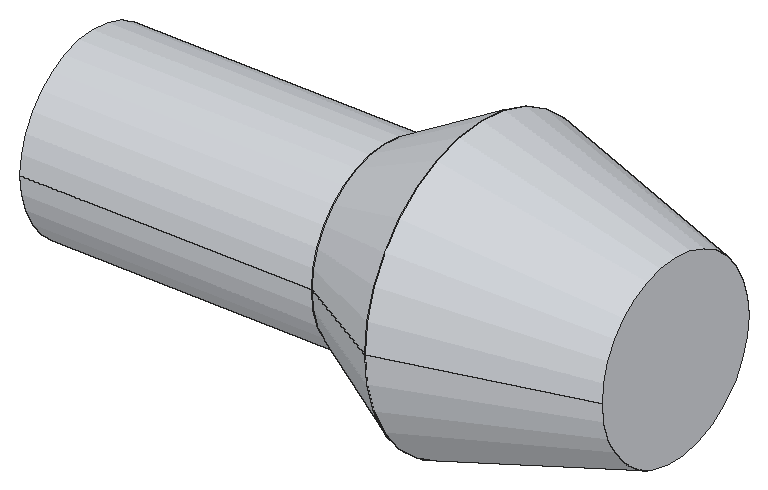
Revit family "24b0c5bafe734ec797dd1b7b4a201046", category Pipe Fittings, Revit 2021
Family settings
  Round Connector Dimension = Use Radius
  Part Type = Spud - Perpendicular
  OmniClass Number = 23.60.30.11.14
  OmniClass Title = Pipework Fittings
  Seek Item ID = Branch Connection - Threaded - Generic-0000-USA-ENU
  Work Plane-Based = No
  Always vertical = Yes
  Cut with Voids When Loaded = No
  Shared = No
Parameters (values of type "Standard")
  built-in parameter 1114214 [instance] = 0' - 1"
  built-in parameter 1114213 [instance] = 0' - 1"
  built-in parameter 1114215 [instance] = size_lookup(Lookup Table Name, "Lgt", 0.36 * Nominal Diameter + 205/256", Nominal Diameter)  # 0.0625 (stored number, unit not read)
  Nominal Radius [instance] = 1/16"
  Nominal Diameter [instance] = Nominal Radius * 2  # 1/8"
  Loss Method = Not Defined
  Lookup Table Name = "Branch Connection - Threaded - Generic"
  Fitting Outside Radius 2 [instance] = Fitting Outside Diameter 2 / 2  # 5/16"
  Fitting Outside Radius 1 [instance] = Fitting Outside Diameter 1 / 2  # 1/2"
  Fitting Outside Diameter 2 [instance] = size_lookup(Lookup Table Name, "FOD2", 1.05 * Nominal Diameter + 27/64", Nominal Diameter)  # 5/8"
  Fitting Outside Diameter 1 [instance] = size_lookup(Lookup Table Name, "FOD1", 1.31 * Nominal Diameter + 101/128", Nominal Diameter)  # 1"
  Default Elevation = 0' - 0"
Reference planes (in)
  plane 1 "Center (Front/Back)": y = 0
  plane 2: z = 0
  plane 3 "Center (Left/Right)": x = 0
  plane 4: x = -1
  plane 5: x = 1
  plane 6: x = 0.33333
  plane 7: x = 0.66667
Forms (in)
  Extrusion 1, solid, detail levels fine
    sketch origin (0, 0, 0) x (0, 1, 0) y (0, 0, 1)
      loop
        circle (0, 0) r 0.3125
    from -1 to 0
  Blend 2, solid, detail levels fine
    base sketch origin (0, 0, 0) x (0, 1, 0) y (0, 0, 1)
      loop
        circle (0, 0) r 0.3125
    top sketch origin (0, 0, 0) x (0, 1, 0) y (0, 0, 1)
      loop
        circle (0, 0) r 0.5
    from 0 to 0.33333
  Blend 3, solid, detail levels fine
    base sketch origin (0, 0, 0) x (0, 1, 0) y (0, 0, 1)
      loop
        circle (0, 0) r 0.3125
    top sketch origin (0, 0, 0) x (0, 1, 0) y (0, 0, 1)
      loop
        circle (0, 0) r 0.5
    from 1 to 0.33333
Dimensions and locks (in)
  "built-in parameter 1114214": plane 4 to plane 3 "Center (Left/Right)"
  "built-in parameter 1114213": plane 3 "Center (Left/Right)" to plane 5
  equal spacing: plane 3 "Center (Left/Right)", plane 6, plane 7, plane 5
  "Fitting Outside Radius 2": radius of Extrusion 1 sketch curve
  "Fitting Outside Radius 2": radius of Blend 2 sketch curve
  "Fitting Outside Radius 1": radius of Blend 2 sketch curve
  "Fitting Outside Radius 2": radius of Blend 3 sketch curve
  "Fitting Outside Radius 1": radius of Blend 3 sketch curve
  aligned and locked: plane 2 to level
  aligned and locked: plane 2 to Extrusion 1 sketch curve
  aligned and locked: plane 1 "Center (Front/Back)" to Extrusion 1 sketch curve
  aligned and locked: Extrusion 1 to plane 4
  aligned and locked: plane 3 "Center (Left/Right)" to Extrusion 1
  aligned and locked: plane 2 to Blend 2 sketch curve  (x2)
  aligned and locked: plane 1 "Center (Front/Back)" to Blend 2 sketch curve  (x2)
  aligned and locked: Blend 2 to plane 3 "Center (Left/Right)"
  aligned and locked: plane 6 to Blend 2
  aligned and locked: plane 2 to Blend 3 sketch curve  (x2)
  aligned and locked: plane 1 "Center (Front/Back)" to Blend 3 sketch curve  (x2)
  aligned and locked: Blend 3 to plane 5
  aligned and locked: Blend 3 to plane 6
Connectors (in)
  piping at (0, 0, 0), diameter 0.125, driven by "Nominal Radius"
    settings: on Blend 2, index 1, connector inside diameter 1/8", connector length 0' - 0", flow factor 0, pipe flow 0 GPM, pressure drop 0.00 psi, fitting loss kfactor 0, connector angle 0.00°, fixture units 0, engagement length 0' - 0", angle of deflection 0.00°, flow configuration 0, flow direction 0, fitting loss method 0, system type 28, joint type 0, gender type 0, connector reference index 2, connector utility 0, adjustable connector no, is connector primary yes, connector description ""
  piping at (1, 0, 0), diameter 0.125, driven by "Nominal Radius"
    settings: on Blend 3, index 2, connector inside diameter 1/8", connector length 0' - 0", flow factor 0, pipe flow 0 GPM, pressure drop 0.00 psi, fitting loss kfactor 0, connector angle 0.00°, fixture units 0, engagement length 0' - 0", angle of deflection 0.00°, flow configuration 0, flow direction 0, fitting loss method 0, system type 28, joint type 0, gender type 0, connector reference index 1, connector utility 0, adjustable connector no, is connector primary no, connector description ""
